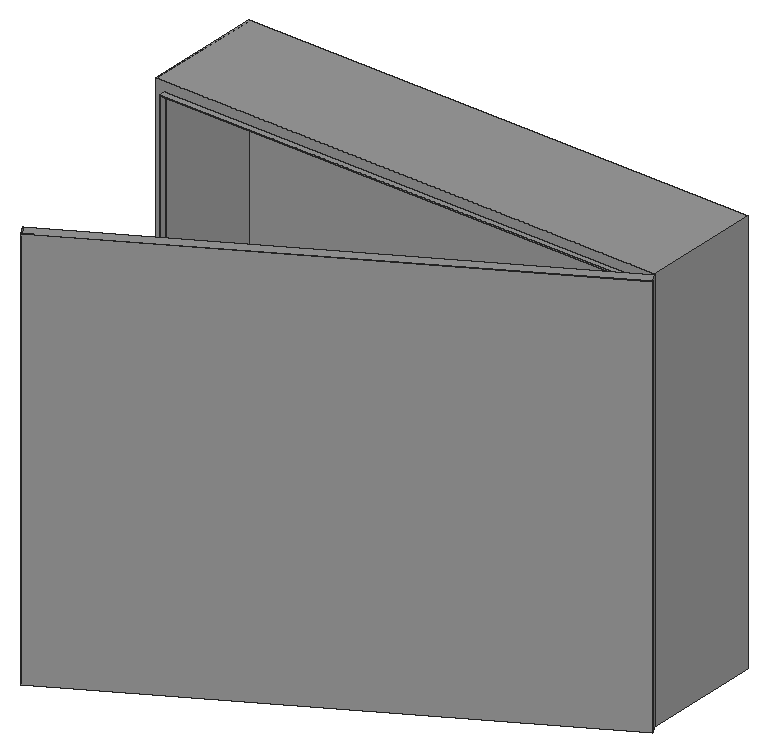
Revit family "Hager-Univers-IP44-D205-H650-Cl.I-encl-NoHosted-NL-en", category Equipement électrique, Revit 2020
Family settings
  Configuration du panneau = Deux colonnes, circuits au sein
  Cote de connecteur circulaire = Utiliser le diamètre
  Type d'élément = Tableau de raccordement
  Basée sur le plan de construction = Oui
  Toujours verticalement = Oui
  Couper avec des vides une fois chargée = Non
  Partagée = Non
  Point de calcul de pièce = Non
Parameters (values of type "Surface mounted (plaster) IP44 W800 H650 D205  - FP43QT")
  Width Control [instance] = if([EF000008 - Width] > Min Width, [EF000008 - Width], Min Width)  # 800 mm
  Commentaires du type = [HG000003 - Range]  # "Univers"
  Thickness Door [instance] = if([EF009171 - Material plate thickness door/cover] > 3 mm, 3 mm, [EF009171 - Material plate thickness door/cover])  # 1 mm
  Seal Frame Offset [instance] = 17 mm  # constant formula
  Plinth Visibility [instance] = [HG000027 - Plinth height] > 0 mm  # no
  Min Width [instance] = 100 mm  # constant formula
  Min Depth [instance] = (2 * [EF009170 - Material plate thickness cabinet]) + 1 mm  # 3 mm
  Min Height [instance] = 100 mm  # constant formula
  Internal Frame Depth [instance] = (Door System Depth * 0.5)  # 9 mm
  Panel Name [instance] = ""  # (empty or 0)
  Model = ""
  HG000027 - Plinth height = 0 mm
  HG000026 - Floor standing = no
  HG000024 - Bottom section height = 600 mm
  HG000023 - Double section enclosure = no
  HG000016 - Door 3d visibility [instance] = yes
  HG000015 - Clearance visibility [instance] = no
  HG000014 - Door on the right [instance] = yes
  HG000013 - Door on the left [instance] = not([HG000014 - Door on the right])  # no
  HG000012 - Door swing angle [instance] = 30.00°
  HG000010 - Asymmetric doors = no
  HG000009 - Double swing door = no
  HG000006 - Flush mounted = no
  HG000004 - Manufacturer reference = "FP43QT"
  HG000003 - Range = "Univers"
  HG000002 - With door or cover = yes
  Frame Offset Bottom [instance] = 10 mm  # constant formula
  Frame Offset [instance] = 15 mm  # constant formula
  EF015940 - Cover with overpressure release = no
  EF011959 - Degree of protection (NEMA) = ""
  EF009554 - Number of openings for flange plates = 6
  EF009212 - Cover model = "EV000116 - Closed"
  EF009171 - Material plate thickness door/cover = 1 mm
  EF009170 - Material plate thickness cabinet = 1 mm
  EF008873 - Nominal current (In) = 250 A
  EF007800 - Suitable for lightning protection = no
  EF006306 - With lock = no
  EF006244 - Transparent cover/door = no
  EF005474 - Degree of protection (IP) = "EV006418 - IP44"
  EF004464 - Type of door = "EV002646 - Single"
  EF004427 - Number of modules = 144
  EF004293 - Impact strength = "EV006815 - IK09"
  EF003532 - Suitable for outdoor use = no
  EF002950 - Width in number of modular spacings = 36
  EF001613 - Circuit integrity = "EV000494 - None"
  EF001596 - Material housing = "EV000179 - Steel"
  EF001131 - Internal depth = 205 mm
  EF001088 - Extension possible = yes
  EF000437 - Number of conduit inlets = 6
  EF000339 - Type of cover = "EV001012 - Cover"
  EF000266 - Number of rows = 4
  EF000218 - Built-in depth = 0 mm
  EF000118 - With mounting plate = no
  EF000116 - RAL-number = "9010"
  EF000049 - Depth = 205 mm
  EF000040 - Height = 650 mm
  EF000008 - Width = 800 mm
  EF000007 - Colour = "EV000202 - White"
  EF000003 - Mounting method = "EV000384 - Surface mounted (plaster)"
  Door System Leaf Tolerance [instance] = 1.5 mm  # constant formula
  Door System Depth [instance] = 18 mm  # constant formula
  Door Height [instance] = Height Control - [HG000027 - Plinth height]  # 650 mm
  Description = ""
  Default Elevation = 1219.2 mm
  Connector Offset [instance] = Height Control / 2  # 325 mm
  Fabricant = "Hager"  # constant formula
  Height Control [instance] = if([EF000040 - Height] > Min Height, [EF000040 - Height], Min Height)  # 650 mm
  Depth Control [instance] = if([EF000049 - Depth] > Min Depth, [EF000049 - Depth], Min Depth)  # 205 mm
  Bottom Top Plate Trim [instance] = 1.5 mm  # constant formula
  Plinth height Ctrl [instance] = if([HG000027 - Plinth height] > 0 mm, [HG000027 - Plinth height], 12 mm)  # 12 mm
Types (4, lengths in mm): name | Width Control | HG000004 - Manufacturer reference | EF009554 - Number of openings for flange plates | EF004464 - Type of door | EF004427 - Number of modules | EF002950 - Width in number of modular spacings | EF000437 - Number of conduit inlets | EF000008 - Width
  Surface mounted (plaster) IP44 W1300 H650 D205  - FP45QT | 1300 | "FP45QT" | 10 | "EV003602 - Double" | 240 | 60 | 10 | 1300
  Surface mounted (plaster) IP44 W300 H650 D205  - FP41QT | 300 | "FP41QT" | 2 | "EV002646 - Single" | 48 | 12 | 2 | 300
  Surface mounted (plaster) IP44 W550 H650 D205  - FP42QT | 550 | "FP42QT" | 4 | "EV002646 - Single" | 96 | 24 | 4 | 550
  Surface mounted (plaster) IP44 W800 H650 D205  - FP43QT | 800 | "FP43QT" | 6 | "EV002646 - Single" | 144 | 36 | 6 | 800
Reference planes
  plane 1 "Center (Front/Back)": y = 0
  plane 2: z = 0
  plane 3 "Center (Left/Right)": x = 0
  plane 4: y = 0
  plane 5: y = 0
  plane 6: z = 0
  plane 7: x = -400
  plane 8: x = 400
  plane 9: x = 399
  plane 10: x = -399
  plane 11: z = 0
  plane 12: z = 1
  plane 13: y = -205
  plane 14: y = -1
  plane 15: x = 0
  plane 16: y = -187
  plane 17: y = -204
  plane 18: y = -186
  plane 19: x = -384
  plane 20: x = 384
  plane 21: z = 11
  plane 22: x = -383
  plane 23: x = 383
  plane 24: z = 0
  plane 25: z = 650
  plane 26: z = 650
  plane 27: z = 634
  plane 28: z = 649
Forms (mm)
  Extrusion 1, solid, material "Hager_Steel_RAL7035_Light_Grey", detail levels medium+fine
    sketch origin (-208.679, -4572, 0) x (-1, 0, 0) y (0, -1, 0)
      loop
        line (191.321, -4385) -> (-608.679, -4385) -> (-608.679, -4572) -> (191.321, -4572) -> (191.321, -4385)
    from 0 to 650
  Extrusion 2, void
    sketch origin (-350.771, -205, 1219.2) x (1, 0, 0) y (0, 0, 1)
      loop
        line (-48.229, -570.2) -> (-48.229, -1218.2) -> (749.771, -1218.2) -> (749.771, -570.2) -> (-48.229, -570.2)
    from -19 to -204
  Extrusion 3, void
    sketch origin (-290.084, -187, 1219.2) x (1, 0, 0) y (0, 0, 1)
      loop
        line (-93.916, -1208.2) -> (674.084, -1208.2) -> (674.084, -585.2) -> (-93.916, -585.2) -> (-93.916, -1208.2)
    from 0 to -1
  Extrusion 4, solid, material "Hager_Steel_RAL7035_Light_Grey", visible <- "Plinth Visibility", detail levels medium+fine
    sketch origin (0, 0, 0) x (1, 0, 0) y (0, 1, 0)
      loop
        line (-400, 0) -> (-400, -187) -> (400, -187) -> (400, 0) -> (-400, 0)
    from 0 to 12 <- "Plinth height Ctrl"
  Extrusion 5, solid, material "Hager_Steel_RAL7035_Light_Grey", detail levels coarse
    sketch origin (0, 0, 0) x (1, 0, 0) y (0, 1, 0)
      loop
        line (-400, 0) -> (-400, -205) -> (400, -205) -> (400, 0) -> (-400, 0)
    from 0 to 650 <- "Height Control"
  Sweep 6, void
    path in 3D
      loop
        line (-400, -187, 12) -> (400, -187, 12) -> (400, 0, 12) -> (-400, 0, 12) -> (-400, -187, 12)
    profile origin (-400, -93.5, 12) x (1, 0, 0) y (0, 0, 1)
      loop
        line (0, 0) -> (0, -1.5) -> (1.5, -1.5)
        arc (1.5, -1.5) -> (1.061, -0.439) -> (0, 0) r 1.5
  Extrusion 7, solid, material "Hager_Steel_RAL7035_Light_Grey", detail levels fine
    sketch origin (-400, -187, 0) x (1, 0, 0) y (0, 0, 1)
      loop
        line (16, 11) -> (784, 11) -> (784, 634) -> (16, 634) -> (16, 11)
      loop
        line (15, 10) -> (785, 10) -> (785, 635) -> (15, 635) -> (15, 10)
    from 0 to 9 <- "Internal Frame Depth"
Cuts and joins
  Extrusion 2, Extrusion 3 cuts Extrusion 1
  Sweep 6 cuts Extrusion 4
Lines and regions (mm)
  Masking region 1
    outline origin (0, 0, 0) x (1, 0, 0) y (0, 1, 0)
      loop
        line (-400, 0) -> (-400, -205) -> (400, -205) -> (400, 0) -> (-400, 0)
  Masking region 2, detail levels coarse
    outline origin (-290.084, -187, 1219.2) x (-1, 0, 0) y (0, 0, 1)
      loop
        line (-690.084, -1219.2) -> (109.916, -1219.2) -> (109.916, -569.2) -> (-690.084, -569.2) -> (-690.084, -1219.2)
  Masking region 3, detail levels coarse
    outline origin (0, 0, 0) x (0, 1, 0) y (0, 0, 1)
      loop
        line (0, 0) -> (0, 650) -> (-205, 650) -> (-205, 0) -> (0, 0)
  Masking region 4, visible <- "Plinth Visibility", detail levels medium+fine
    outline origin (0, 0, 0) x (0, 1, 0) y (0, 0, 1)
      loop
        line (-1.5, 12) -> (-185.5, 12)
        arc (-185.5, 12) -> (-185.939, 10.939) -> (-187, 10.5) r 1.5
        line (-187, 10.5) -> (-187, 0) -> (0, 0) -> (0, 10.5)
        arc (0, 10.5) -> (-1.061, 10.939) -> (-1.5, 12) r 1.5
  Masking region 5, detail levels medium+fine
    outline origin (0, 0, 594.038) x (0, 1, 0) y (0, 0, 1)
      loop
        line (0, -594.038) -> (0, 55.962) -> (-187, 55.962) -> (-187, -594.038) -> (0, -594.038)
  Masking region 6, detail levels medium+fine
    outline origin (-359.7, -187, 1211.883) x (-1, 0, 0) y (0, 0, 1)
      loop
        line (-759.7, -1211.883) -> (40.3, -1211.883) -> (40.3, -561.883) -> (-759.7, -561.883) -> (-759.7, -1211.883)
  Masking region 7, visible <- "Plinth Visibility", detail levels medium+fine
    outline origin (-320.334, -187, 1041.368) x (-1, 0, 0) y (0, 0, 1)
      loop
        line (-720.334, -1041.368) -> (79.666, -1041.368) -> (79.666, -1030.868)
        arc (79.666, -1030.868) -> (78.606, -1030.429) -> (78.166, -1029.368) r 1.5
        line (78.166, -1029.368) -> (-718.834, -1029.368)
        arc (-718.834, -1029.368) -> (-719.273, -1030.429) -> (-720.334, -1030.868) r 1.5
        line (-720.334, -1030.868) -> (-720.334, -1041.368)
  sketch lines
    curve 1: line (-400, 0, 12) -> (-400, -187, 12)
    curve 2: line (-400, -187, 12) -> (400, -187, 12)
    curve 3: line (400, 0, 12) -> (-400, 0, 12)
    curve 4: line (400, -187, 12) -> (400, 0, 12)
Dimensions and locks
  locked: plane 1 "Center (Front/Back)" to plane 5
  "EF009170 - Material plate thickness cabinet": plane 7 to plane 10
  "EF009170 - Material plate thickness cabinet": plane 8 to plane 9
  equal spacing: plane 7, plane 3 "Center (Left/Right)", plane 8
  "Width Control": plane 7 to plane 8
  "Depth Control": plane 4 to plane 13
  "EF009170 - Material plate thickness cabinet": plane 4 to plane 14
  "Height Control": plane 25 to level
  "HG000027 - Plinth height": plane 11 to level
  "EF009170 - Material plate thickness cabinet": plane 12 to plane 11
  "EF009170 - Material plate thickness cabinet": plane 17 to plane 13
  "EF009170 - Material plate thickness cabinet": plane 18 to plane 16
  "Frame Offset Bottom": plane 21 to plane 12
  "Frame Offset": plane 10 to plane 19
  "Frame Offset": plane 9 to plane 20
  "Door System Depth": plane 16 to plane 13
  "Seal Frame Offset": plane 7 to plane 22
  "Seal Frame Offset": plane 8 to plane 23
  "EF009170 - Material plate thickness cabinet": plane 26 to plane 28
  "Frame Offset": plane 28 to plane 27
  "Connector Offset": plane 2 to connector elem
  "Bottom Top Plate Trim": profile plane to Sweep 6 sketch curve
  "Bottom Top Plate Trim": Sweep 6 sketch curve to Sweep 6 sketch curve
  "Plinth height Ctrl": Masking region 4 sketch curve to level
  "Plinth height Ctrl": Masking region 7 sketch curve to level
  "Thickness Door": Extrusion 7 sketch curve to Extrusion 7 sketch curve  (x4)
  "Bottom Top Plate Trim": radius of Sweep 6 sketch curve
  "Bottom Top Plate Trim": radius of Masking region 4 sketch curve  (x2)
  "Bottom Top Plate Trim": radius of Masking region 7 sketch curve  (x2)
  aligned and locked: Extrusion 2 sketch curve to plane 12
  aligned and locked: Extrusion 2 sketch curve to plane 9
  aligned and locked: Extrusion 2 sketch curve to plane 10
  aligned and locked: Extrusion 2 to plane 14
  aligned and locked: Extrusion 1 sketch curve to plane 4
  aligned and locked: plane 8 to Extrusion 1 sketch curve
  aligned and locked: plane 7 to Extrusion 1 sketch curve
  aligned and locked: Extrusion 2 to plane 18
  aligned and locked: Extrusion 3 sketch curve to plane 19
  aligned and locked: plane 20 to Extrusion 3 sketch curve
  aligned and locked: Extrusion 3 to Extrusion 2
  aligned and locked: Extrusion 3 sketch curve to plane 21
  aligned and locked: plane 3 "Center (Left/Right)" to nested 1
  aligned and locked: Extrusion 1 sketch curve to plane 16
  aligned and locked: Extrusion 4 sketch curve to cut or joined group of Extrusion 1, Extrusion 2, Extrusion 3
  aligned and locked: Masking region 1 sketch curve to plane 7
  aligned and locked: Masking region 1 sketch curve to plane 5
  aligned and locked: Masking region 1 sketch curve to plane 8
  aligned and locked: Masking region 2 sketch curve to level
  aligned and locked: level to Masking region 3 sketch curve
  aligned and locked: plane 1 "Center (Front/Back)" to Masking region 3 sketch curve
  aligned and locked: plane 13 to Masking region 3 sketch curve
  aligned and locked: plane 5 to Masking region 4 sketch curve
  aligned and locked: Masking region 2 sketch curve to plane 8
  aligned and locked: Masking region 2 sketch curve to plane 7
  aligned and locked: plane 7 to nested 2
  aligned and locked: nested 2 to plane 5
  aligned and locked: plane 5 to Masking region 5 sketch curve
  aligned and locked: plane 26 to Masking region 5 sketch curve
  aligned and locked: Extrusion 5 sketch curve to plane 8
  aligned and locked: Extrusion 5 sketch curve to plane 7
  aligned and locked: Extrusion 5 sketch curve to plane 5
  aligned and locked: Extrusion 3 sketch curve to plane 27
  aligned and locked: Extrusion 2 sketch curve to plane 28
  aligned and locked: Masking region 2 to plane 25
  aligned and locked: Extrusion 4 to plane 16
  aligned and locked: profile plane to Sweep 6 sketch curve
  aligned and locked: Masking region 5 sketch curve to plane 24
  aligned and locked: level to Masking region 4 sketch curve
  aligned and locked: Masking region 1 to plane 13
  aligned and locked: nested 1 to plane 16
  aligned and locked: Masking region 3 to plane 25
  aligned and locked: plane 16 to Masking region 4 sketch curve
  aligned and locked: Masking region 5 sketch curve to plane 16
  aligned and locked: plane 24 to plane 11
  aligned and locked: plane 26 to plane 25
  aligned and locked: plane 26 to cut or joined group of Extrusion 1, Extrusion 2, Extrusion 3
  aligned and locked: nested 1 to plane 24
  aligned and locked: Extrusion 1 to Extrusion 3
  aligned and locked: Masking region 6 sketch curve to plane 8
  aligned and locked: Masking region 6 sketch curve to plane 24
  aligned and locked: Masking region 6 sketch curve to plane 7
  aligned and locked: Masking region 6 sketch curve to plane 26
  aligned and locked: Masking region 7 sketch curve to plane 7
  aligned and locked: level to Masking region 7 sketch curve
  aligned and locked: Masking region 7 sketch curve to plane 8
  aligned and locked: Extrusion 7 sketch curve to cut or joined group of Extrusion 1, Extrusion 2, Extrusion 3  (x4)
Automatic sketch dimensions
  plane 19 to Extrusion 3 sketch curve = 0 mm
  Extrusion 3 sketch curve to plane 20 = 0 mm
  Extrusion 3 sketch curve to plane 21 = 0 mm
  Extrusion 4 sketch curve to plane 7 = 0 mm
  Extrusion 4 sketch curve to plane 8 = 0 mm
  Extrusion 4 sketch curve to plane 16 = 0 mm
  Masking region 1 sketch curve to plane 13 = 0 mm
  Masking region 2 sketch curve to plane 25 = 0 mm
  Masking region 3 sketch curve to plane 25 = 0 mm
  Extrusion 5 sketch curve to plane 13 = 0 mm
  profile plane to Sweep 6 sketch curve = 0 mm
Nested families
  nested 1: "EC000058_Univers_Door" at (0, -187, 0), Double <- "HG000009 - Double swing door", Transparent <- "EF006244 - Transparent cover/door", Angle <- "HG000012 - Door swing angle", Door_Right <- "HG000014 - Door on the right", Assymetrical <- "HG000010 - Asymmetric doors", Door <- "HG000002 - With door or cover", Width_Ctrl <- "Width Control", 3d_Door <- "HG000016 - Door 3d visibility", Clearance <- "HG000015 - Clearance visibility", Door_Left <- "HG000013 - Door on the left", Width <- "Width Control", Door_Depth <- "Door System Depth", Leaf_Tolerance <- "Door System Leaf Tolerance", Height <- "Door Height", Lock_Visibility <- "EF006306 - With lock", Thickness <- "Thickness Door", type "EC000058_Univers_Door", detail levels medium+fine
    with min_wh 3 mm, Width_Ctrl 800 mm, Width 800 mm, Transparent no, Thickness 1 mm, Seal_Material Hager_Rubber, Lock_Visibility no, Lock_Material Hager_Plastic_RAL9005_Jet_Black, Leaf_Width 800 mm, Leaf_Tolerance_External_Sides 0 mm, Leaf_Tolerance 1.5 mm, Leaf_Offset 0 mm, Leaf_Height 647 mm, Leaf_2_Width 800 mm, Leaf_2_Offset 400 mm, Leaf_1_Width 800 mm, Leaf_1_Offset 400 mm, Height_Ctrl 650 mm, Height 650 mm, Glass_Material Hager_Glass, Double_Clearance_Ctrl no, Double no, Door_Right_Ctrl yes, Door_Right yes, Door_Material Hager_Steel_RAL7035_Light_Grey, Door_Left_Ctrl no, Door_Left no, Door_Depth 18 mm, Door yes, Clearance_Material Hager_Clearance, Clearance_Depth 800 mm, Clearance_Ctrl no, Clearance no, Assymetrical no, Angle 30.00°, 3d_Door yes
  nested 2: "Hager_Enclosure_Symbol" at (-400, 0, 0), Height <- "Depth Control", Width <- "Width Control", type "Hager_Enclosure_Symbol"
    with Width_Ctrl 800 mm, Width 800 mm, Height_Ctrl 205 mm, Height 205 mm, A_Width_Int 13.453 mm, A_Width 161.438 mm, A_Height_Ctrl 179.375 mm, A_Height 179.375 mm
Connectors
  electrical at (0, 0, 325)
    settings: on plane 1 "Center (Front/Back)", index 1, voltage 0 V, apparent load 0 VA, apparent load phase1 0 VA, apparent load phase2 0 VA, apparent load phase3 0 VA, power factor 1, load classification "Other", number of poles 1, system type 30, power factor state 1, is connector primary yes, connector utility no, sub classification motor no, connector description ""
Definition of nested family "EC000058_Univers_Door"
  Parameters (values of type "EC000058_Univers_Door")
    min_wh [instance] = (2 * Thickness) + 1 mm  # 11 mm
    Width_Ctrl [instance] = 400 mm
    Width [instance] = 500 mm
    Transparent [instance] = yes
    Thickness [instance] = 5 mm
    Seal_Material [instance] = none
    Lock_Visibility [instance] = yes
    Lock_Material [instance] = none
    Leaf_Width [instance] = if((Width_Ctrl - 2 * Leaf_Tolerance_External_Sides) > 0 mm, (Width_Ctrl - 2 * Leaf_Tolerance_External_Sides), min_wh)  # 400 mm
    Leaf_Tolerance_External_Sides [instance] = 0 mm  # constant formula
    Leaf_Tolerance [instance] = 1.5 mm
    Leaf_Offset [instance] = 0 mm  # constant formula
    Leaf_Height [instance] = if((Height_Ctrl - 2 * Leaf_Tolerance) > 0 mm, (Height_Ctrl - 2 * Leaf_Tolerance), min_wh)  # 497 mm
    Leaf_2_Width [instance] = if(and(and(Double, Assymetrical), Door_Left), (Leaf_Width / 3) - (Leaf_Tolerance / 2), if(and(and(Double, Assymetrical), Door_Right), (Leaf_Width / 3) * 2 - (Leaf_Tolerance / 2), if(and(Double, not(Assymetrical)), (Leaf_Width / 2) - Leaf_Tolerance, Leaf_Width)))  # 400 mm
    Leaf_2_Offset [instance] = if(and(Double, Assymetrical), Leaf_2_Width / 2, if(and(Double, not(Assymetrical)), Leaf_Width / 4, Leaf_Width / 2))  # 200 mm
    Leaf_1_Width [instance] = if(and(and(Double, Assymetrical), Door_Right), (Leaf_Width / 3) - (Leaf_Tolerance / 2), if(and(and(Double, Assymetrical), Door_Left), (Width / 3) * 2 - (Leaf_Tolerance / 2), if(and(Double, not(Assymetrical)), (Leaf_Width / 2) - Leaf_Tolerance, Leaf_Width)))  # 400 mm
    Leaf_1_Offset [instance] = if(and(Double, Assymetrical), Leaf_1_Width / 2, if(and(Double, not(Assymetrical)), Leaf_Width / 4, Leaf_Width / 2))  # 200 mm
    Height_Ctrl [instance] = if(Height > min_wh, Height, min_wh)  # 500 mm
    Height [instance] = 500 mm
    Glass_Material [instance] = none
    Double_Clearance_Ctrl [instance] = and(Double, Clearance)  # no
    Double [instance] = no
    Door_Right_Ctrl [instance] = and(or(Door_Right, Double), Door)  # yes
    Door_Right [instance] = yes
    Door_Material [instance] = none
    Door_Left_Ctrl [instance] = and(or(Door_Left, Double), Door)  # no
    Door_Left [instance] = no
    Door_Depth [instance] = 30 mm
    Door [instance] = yes
    Default Elevation = 1219.2 mm
    Clearance_Material [instance] = none
    Clearance_Depth [instance] = if(Leaf_1_Width > Leaf_2_Width, Leaf_1_Width, Leaf_2_Width)  # 400 mm
    Clearance_Ctrl [instance] = and(not(Double), Clearance)  # yes
    Clearance [instance] = yes
    Assymetrical [instance] = yes
    Angle [instance] = 30.00°
    3d_Door [instance] = yes
  Reference planes
    plane 1 "Center (Front/Back)": y = 0
    plane 2 "Bottom": z = 0
    plane 3 "Center (Left/Right)": x = 0
    plane 4: z = 500
    plane 5: x = -200
    plane 6: x = 200
    plane 7: z = 500
    plane 8: x = -200
    plane 9: z = 0
    plane 10: x = 200
    plane 11: y = 0
    plane 12: z = 1.5
    plane 13: x = -600
    plane 14: y = -400
    plane 15: x = 600
    plane 16: x = 0
    plane 17: x = 0
    plane 18: x = -200
    plane 19: x = 200
    plane 20: z = 498.5
  Forms (mm)
    Extrusion 1, solid, material <- "Clearance_Material", visible <- "Double_Clearance_Ctrl"
      sketch origin (1200, 0, 0) x (1, 0, 0) y (0, 0, -1)
        loop
          line (-1800, -498.5) -> (-600, -498.5) -> (-600, 0) -> (-1800, 0) -> (-1800, -498.5)
      from 0 to -400
  Dimensions and locks
    equal spacing: plane 5, plane 3 "Center (Left/Right)", plane 6
    "Width_Ctrl": plane 5 to plane 6
    "Leaf_Offset": plane 5 to plane 8
    "Leaf_Offset": plane 6 to plane 10
    "Leaf_Offset": plane 9 to level
    "Leaf_Offset": plane 4 to plane 7
    "Height_Ctrl": plane 4 to level
    "Leaf_Tolerance": plane 12 to plane 9
    locked: plane 11 to plane 1 "Center (Front/Back)"
    "Leaf_1_Offset": plane 18 to plane 16
    "Leaf_2_Offset": plane 17 to plane 19
    "Leaf_1_Width": plane 13 to plane 8
    "Leaf_2_Width": plane 10 to plane 15
    "Clearance_Depth": plane 14 to plane 1 "Center (Front/Back)"
    "Leaf_Tolerance_External_Sides": plane 8 to plane 18
    "Leaf_Tolerance_External_Sides": plane 19 to plane 10
    "Leaf_Tolerance": plane 7 to plane 20
    aligned and locked: level to plane 2 "Bottom"
    aligned and locked: nested 1 to plane 16
    aligned and locked: nested 2 to plane 17
    aligned and locked: Extrusion 1 to plane 13
    aligned and locked: plane 15 to Extrusion 1
    aligned and locked: Extrusion 1 to plane 14
    aligned and locked: plane 12 to nested 1
    aligned and locked: nested 2 to plane 12
    aligned and locked: Extrusion 1 to plane 11
    aligned and locked: plane 20 to Extrusion 1
    aligned and locked: nested 2 to plane 11
    aligned and locked: nested 1 to plane 11
  Automatic sketch dimensions
    Extrusion 1 sketch curve to level = 0 mm
    plane 5 to Extrusion 1 sketch curve = 400 mm
    plane 6 to Extrusion 1 sketch curve = 400 mm
    Extrusion 1 sketch curve to plane 4 = 1.5 mm
  Nested families
    nested 1: "EC000058_Univers_Door_Leaf" at (0, 0, 1.5), Width <- "Leaf_1_Width", visible <- "Door_Left_Ctrl", Leaf_Height <- "Leaf_Height", Angle <- "Angle", 3d_Door <- "3d_Door", Transparent <- "Transparent", Clearance Material <- "Clearance_Material", Clearance <- "Clearance_Ctrl", Door_Material <- "Door_Material", Glass_Material <- "Glass_Material", Door_Depth <- "Door_Depth", Lock_Material <- "Lock_Material", Seal_Material <- "Seal_Material", Lock_Visibility <- "Lock_Visibility", Thickness <- "Thickness", type "EC000058_Univers_Door_Leaf"
      with Width 400 mm, Transparent_Glass_Offset 30 mm, Transparent_Ctrl yes, Transparent yes, Thickness 5 mm, Standard no, Seal_Material none, Seal_D2 8 mm, Seal_D1 1 mm, Offset_Internal_Frame 10 mm, Lock_Width 20 mm, Lock_Visibility_3d yes, Lock_Visibility yes, Lock_Thickness_3 3 mm, Lock_Thickness_2 1 mm, Lock_Thickness_1 3 mm, Lock_Radius_Offset_2 16 mm, Lock_Radius_Offset_1 15 mm, Lock_Radius_2 5 mm, Lock_Radius 6 mm, Lock_Offset 5 mm, Lock_Material none, Lock_Height 80 mm, Lock_Cover_Top_Offset_2d 17 mm, Lock_Cover_Height -65 mm, Leaf_Height 497 mm, Internal_Seal_Thickness 8 mm, Internal_Seal_Depth_2 4.5 mm, Internal_Frame_Depth 25 mm, Glass_Thickness -1 mm, Glass_Offset -2 mm, Glass_Material none, Door_Material none, Door_Depth 30 mm, Clearance Material none, Clearance yes, Angle_Ctrl 30.00°, Angle 30.00°, 3d_Door yes
    nested 2: "EC000058_Univers_Door_Leaf" at (0, 0, 1.5) x (-1, 0, 0) z (0, 0, 1), Width <- "Leaf_2_Width", visible <- "Door_Right_Ctrl", Leaf_Height <- "Leaf_Height", Angle <- "Angle", 3d_Door <- "3d_Door", Transparent <- "Transparent", Clearance Material <- "Clearance_Material", Clearance <- "Clearance_Ctrl", Door_Material <- "Door_Material", Glass_Material <- "Glass_Material", Door_Depth <- "Door_Depth", Lock_Material <- "Lock_Material", Seal_Material <- "Seal_Material", Lock_Visibility <- "Lock_Visibility", Thickness <- "Thickness", type "EC000058_Univers_Door_Leaf"
      with Width 400 mm, Transparent_Glass_Offset 30 mm, Transparent_Ctrl yes, Transparent yes, Thickness 5 mm, Standard no, Seal_Material none, Seal_D2 8 mm, Seal_D1 1 mm, Offset_Internal_Frame 10 mm, Lock_Width 20 mm, Lock_Visibility_3d yes, Lock_Visibility yes, Lock_Thickness_3 3 mm, Lock_Thickness_2 1 mm, Lock_Thickness_1 3 mm, Lock_Radius_Offset_2 16 mm, Lock_Radius_Offset_1 15 mm, Lock_Radius_2 5 mm, Lock_Radius 6 mm, Lock_Offset 5 mm, Lock_Material none, Lock_Height 80 mm, Lock_Cover_Top_Offset_2d 17 mm, Lock_Cover_Height -65 mm, Leaf_Height 497 mm, Internal_Seal_Thickness 8 mm, Internal_Seal_Depth_2 4.5 mm, Internal_Frame_Depth 25 mm, Glass_Thickness -1 mm, Glass_Offset -2 mm, Glass_Material none, Door_Material none, Door_Depth 30 mm, Clearance Material none, Clearance yes, Angle_Ctrl 30.00°, Angle 30.00°, 3d_Door yes
  Definition of nested family "EC000058_Univers_Door_Leaf"
    Parameters (values of type "EC000058_Univers_Door_Leaf")
      Width [instance] = 2000 mm
      Transparent_Glass_Offset [instance] = 30 mm
      Transparent_Ctrl [instance] = and(Transparent, [3d_Door])  # yes
      Transparent [instance] = yes
      Thickness [instance] = 5 mm
      Standard [instance] = and(not(Transparent), [3d_Door])  # no
      Seal_Material [instance] = none
      Seal_D2 [instance] = 8 mm  # constant formula
      Seal_D1 [instance] = 1 mm  # constant formula
      Offset_Internal_Frame [instance] = 10 mm  # constant formula
      Lock_Width [instance] = 20 mm  # constant formula
      Lock_Visibility_3d [instance] = and(Lock_Visibility, [3d_Door])  # yes
      Lock_Visibility [instance] = yes
      Lock_Thickness_3 [instance] = 3 mm  # constant formula
      Lock_Thickness_2 [instance] = 1 mm  # constant formula
      Lock_Thickness_1 [instance] = 3 mm  # constant formula
      Lock_Radius_Offset_2 [instance] = Lock_Radius_Offset_1 + 1 mm  # 16 mm
      Lock_Radius_Offset_1 [instance] = 15 mm  # constant formula
      Lock_Radius_2 [instance] = Lock_Radius - 1 mm  # 5 mm
      Lock_Radius [instance] = 6 mm  # constant formula
      Lock_Offset [instance] = 5 mm  # constant formula
      Lock_Material [instance] = none
      Lock_Height [instance] = 80 mm  # constant formula
      Lock_Cover_Top_Offset_2d [instance] = Lock_Radius_Offset_2 + 1 mm  # 17 mm
      Lock_Cover_Height [instance] = -(Lock_Height - Lock_Radius_Offset_1)  # -65 mm
      Leaf_Height [instance] = 2720.336 mm
      Internal_Seal_Thickness [instance] = 8 mm  # constant formula
      Internal_Seal_Depth_2 [instance] = 4.5 mm  # constant formula
      Internal_Frame_Depth [instance] = if(Door_Depth - Thickness > 5 mm, Door_Depth - Thickness, 5 mm)  # 25 mm
      Glass_Thickness [instance] = if(Thickness > 15 mm, Glass_Offset + 10 mm, -1 mm)  # -1 mm
      Glass_Offset [instance] = if(Thickness > 15 mm, -(Thickness + 10 mm) / 2, -2 mm)  # -2 mm
      Glass_Material [instance] = none
      Door_Material [instance] = none
      Door_Depth [instance] = 30 mm
      Default Elevation = 0 mm
      Clearance Material [instance] = none
      Clearance [instance] = yes
      Angle_Ctrl [instance] = if(Angle > 180.00°, 180.00°, Angle)  # 90.00°
      Angle [instance] = 90.00°
      3d_Door [instance] = yes
    Reference planes
      plane 1 "Center (Front/Back)": y = 0
      plane 2: z = 0
      plane 3 "Center (Left/Right)": x = 0
      plane 4: y = 2000
      plane 5: x = -1000
      plane 6: x = 1000
      plane 7: x = -3000
      plane 8: z = 2720.336
      plane 9: z = 30
      plane 10: z = 2690.336
      plane 11: x = 970
      plane 12: x = -970
      plane 13: y = -3
      plane 14: z = 107.833
      plane 15: y = -5
      plane 16: y = -223.314
      plane 17: x = -1000
      plane 18: z = 1360.168
      plane 19: y = 30
    Forms (mm)
      Extrusion 1, solid, material <- "Clearance Material", visible <- "Clearance"
        sketch origin (0, 0, 0) x (1, 0, 0) y (0, 0, 1)
          loop
            line (-3000, 2720.336) -> (-3000, 0) -> (1000, 0) -> (1000, 2720.336) -> (-3000, 2720.336)
        from 0 to -2000
      Extrusion 2, solid, material <- "Door_Material", visible <- "Standard", detail levels medium+fine
        sketch origin (-1000, 0, 0) x (0, 1, 0) y (-1, 0, 0)
          loop
            line (0, 30) -> (0, 25) -> (2000, 25) -> (2000, 30) -> (0, 30)
        from 0 to 2720.336 <- "Leaf_Height"
      Extrusion 3, solid, material <- "Door_Material", visible <- "Transparent_Ctrl", detail levels medium+fine
        sketch origin (-1000, 0, 0) x (0, 1, 0) y (-1, 0, 0)
          loop
            line (0, 25) -> (2000, 25) -> (2000, 30) -> (0, 30) -> (0, 25)
        from 0 to 2720.336 <- "Leaf_Height"
      Extrusion 4, void
        sketch origin (-1025, 2000, 0) x (0, 1, 0) y (0, 0, -1)
          loop
            line (-30, -2690.336) -> (-30, -30) -> (-1970, -30) -> (-1970, -2690.336) -> (-30, -2690.336)
        from 0 to 5 <- "Thickness"
      Sweep 5, solid, material <- "Seal_Material", visible <- "Transparent_Ctrl", detail levels fine
        path in 3D
          loop
            line (-1025, 30, 30) -> (-1025, 30, 2690.336) -> (-1025, 1970, 2690.336) -> (-1025, 1970, 30) -> (-1025, 30, 30)
        profile origin (-1025, 1000, 30) x (1, 0, 0) y (0, 0, 1)
          loop
            line (0, 0) -> (0, -8) -> (1, -8) -> (1, 0) -> (0, 0)
      Extrusion 6, solid, material <- "Glass_Material", visible <- "Transparent_Ctrl", detail levels medium+fine
        sketch origin (-1030, 0, 0) x (0, 1, 0) y (0, 0, -1)
          loop
            line (1970, -2690.336) -> (1970, -30) -> (30, -30) -> (30, -2690.336) -> (1970, -2690.336)
        from -2 <- "Glass_Offset" to -1 <- "Glass_Thickness"
      Extrusion 7, solid, material <- "Door_Material", visible <- "3d_Door", detail levels medium+fine
        sketch origin (-1025, 2000, 0) x (0, -1, 0) y (0, 0, -1)
          loop
            line (0, -2720.336) -> (2000, -2720.336) -> (2000, 0) -> (0, 0) -> (0, -2720.336)
          loop
            line (1995, -5) -> (5, -5) -> (5, -2715.336) -> (1995, -2715.336) -> (1995, -5)
        from 0 to 25 <- "Internal_Frame_Depth"
      Sweep 8, solid, material <- "Seal_Material", visible <- "Transparent_Ctrl", detail levels fine
        path in 3D
          loop
            line (-1025, 0, 0) -> (-1025, 2000, 0) -> (-1025, 2000, 2720.336) -> (-1025, 0, 2720.336) -> (-1025, 0, 0)
        profile origin (-1025, 0, 1360.168) x (1, 0, 0) y (0, 1, 0)
          loop
            line (0, 10) -> (2.975, 10)
            arc (2.975, 10) -> (4.053, 10.447) -> (4.5, 11.525) r 1.525
            line (4.5, 11.525) -> (4.5, 16.527)
            arc (4.5, 16.527) -> (4.069, 17.569) -> (3.027, 18) r 1.473
            line (3.027, 18) -> (0, 18) -> (0, 10)
      Extrusion 9, solid, material <- "Lock_Material", visible <- "Lock_Visibility_3d", detail levels fine
        sketch origin (-1030, 0, 0) x (0, 1, 0) y (0, 0, -1)
          loop
            arc (1993.5, -1400.168) -> (1994.561, -1399.729) -> (1995, -1398.668) r 1.5
            line (1995, -1398.668) -> (1995, -1320.168) -> (1975, -1320.168) -> (1975, -1398.668)
            arc (1975, -1398.668) -> (1975.439, -1399.729) -> (1976.5, -1400.168) r 1.5
            line (1976.5, -1400.168) -> (1993.5, -1400.168)
        from 3 <- "Lock_Thickness_1" to 0
      Blend 10, solid, material <- "Lock_Material", visible <- "Lock_Visibility_3d", detail levels fine
        base sketch origin (-1033, 0, 0) x (0, 1, 0) y (0, 0, -1)
          loop
            line (1975, -1320.168) -> (1975, -1398.668)
            arc (1975, -1398.668) -> (1975.439, -1399.729) -> (1976.5, -1400.168) r 1.5
            line (1976.5, -1400.168) -> (1993.5, -1400.168)
            arc (1993.5, -1400.168) -> (1994.561, -1399.729) -> (1995, -1398.668) r 1.5
            line (1995, -1398.668) -> (1995, -1320.168) -> (1975, -1320.168)
        top sketch origin (-1033, 0, 0) x (0, 1, 0) y (0, 0, -1)
          loop
            line (1976, -1320.168) -> (1976, -1398.668)
            arc (1976, -1398.668) -> (1976.146, -1399.022) -> (1976.5, -1399.168) r 0.5
            line (1976.5, -1399.168) -> (1993.5, -1399.168)
            arc (1993.5, -1399.168) -> (1993.854, -1399.022) -> (1994, -1398.668) r 0.5
            line (1994, -1398.668) -> (1994, -1320.168) -> (1976, -1320.168)
        from 0 to 1 <- "Lock_Thickness_2"
      Blend 11, solid, material <- "Lock_Material", visible <- "Lock_Visibility_3d", detail levels fine
        base sketch origin (-1034, 0, 0) x (0, 1, 0) y (0, 0, -1)
          loop
            line (1978, -1320.168) -> (1978, -1384.168)
            arc (1978, -1384.168) -> (1985, -1391.168) -> (1992, -1384.168) r 7
            line (1992, -1384.168) -> (1992, -1320.168) -> (1978, -1320.168)
        top sketch origin (-1034, 0, 0) x (0, 1, 0) y (0, 0, -1)
          loop
            line (1991, -1320.168) -> (1979, -1320.168) -> (1979, -1383.168)
            arc (1979, -1383.168) -> (1985, -1389.168) -> (1991, -1383.168) r 6
            line (1991, -1383.168) -> (1991, -1320.168)
        from 0 to 3 <- "Lock_Thickness_3"
      Extrusion 12, solid, material <- "Lock_Material", visible <- "Lock_Visibility_3d", detail levels fine
        sketch origin (-1030, 1975, 1320.168) x (1, 0, 0) y (0, -1, 0)
          loop
            line (-7, -19) -> (-7, -1) -> (0, -1) -> (0, 0) -> (-8, 0) -> (-8, -20) -> (0, -20) -> (0, -19) -> (-7, -19)
        from 0 to -65 <- "Lock_Cover_Height"
      Extrusion 13, void
        sketch origin (-1038, 1995, 1320.168) x (-1, 0, 0) y (0, 0, -1)
          loop
            line (-5, -65) -> (0, -65) -> (-5, -60) -> (-5, -65)
        from 0 to 20 <- "Lock_Width"
      Extrusion 14, void
        sketch origin (-1038, 1975, 1320.168) x (0, -1, 0) y (0, 0, -1)
          loop
            circle (-10, -15.995) r 6
          loop
            circle (-10, -15.995) r 5
        from 0 to 2
      Extrusion 15, solid, material <- "Lock_Material", visible <- "Lock_Visibility_3d", detail levels medium
        sketch origin (-1030, 0, 0) x (0, 1, 0) y (0, 0, -1)
          loop
            arc (1993.5, -1400.168) -> (1994.561, -1399.729) -> (1995, -1398.668) r 1.5
            line (1995, -1398.668) -> (1995, -1320.168) -> (1975, -1320.168) -> (1975, -1398.668)
            arc (1975, -1398.668) -> (1975.439, -1399.729) -> (1976.5, -1400.168) r 1.5
            line (1976.5, -1400.168) -> (1993.5, -1400.168)
        from 8 to 0
    Cuts and joins
      Extrusion 4 cuts Extrusion 3
      Extrusion 13, Extrusion 14 cuts Extrusion 9
      Extrusion 14 cuts Blend 11
      Extrusion 13, Extrusion 14 cuts Extrusion 12
      joined: Extrusion 9, Blend 10, Blend 11, Extrusion 12
      Extrusion 14 cuts Extrusion 15
    Lines and regions (mm)
      Masking region 1, visible <- "Lock_Visibility", detail levels fine
        outline origin (0, 0, 0) x (0, 1, 0) y (0, 0, 1)
          loop
            line (30, 1320.168) -> (33, 1320.168) -> (33, 1400.168) -> (30, 1400.168) -> (30, 1320.168)
      Masking region 2, visible <- "Lock_Visibility", detail levels fine
        outline origin (0, 3.143, 0) x (0, 1, 0) y (0, 0, 1)
          loop
            line (29.857, 1354.168) -> (30.857, 1354.168) -> (30.857, 1366.168) -> (29.857, 1366.168) -> (29.857, 1354.168)
      Masking region 3, detail levels medium+fine
        outline origin (0, 0, 0) x (0, 1, 0) y (0, 0, 1)
          loop
            line (0, 0) -> (30, 0) -> (30, 2720.336) -> (0, 2720.336) -> (0, 0)
      Masking region 4, detail levels medium+fine
        outline origin (0, 0, 0) x (1, 0, 0) y (0, 0, 1)
          loop
            line (-1000, 2720.336) -> (-1000, 0) -> (1000, 0) -> (1000, 2720.336) -> (-1000, 2720.336)
      Masking region 5, visible <- "Lock_Visibility", detail levels fine
        outline origin (-47.116, 0, 0) x (1, 0, 0) y (0, 0, 1)
          loop
            arc (1024.616, 1399.168) -> (1023.556, 1398.729) -> (1023.116, 1397.668) r 1.5
            line (1023.116, 1397.668) -> (1023.116, 1320.168) -> (1041.116, 1320.168) -> (1041.116, 1397.668)
            arc (1041.116, 1397.668) -> (1040.677, 1398.729) -> (1039.616, 1399.168) r 1.5
            line (1039.616, 1399.168) -> (1024.616, 1399.168)
      Masking region 6, visible <- "Lock_Visibility", detail levels medium+fine
        outline origin (-25, 0, 0) x (1, 0, 0) y (0, 0, 1)
          loop
            arc (1001.5, 1400.168) -> (1000.439, 1399.729) -> (1000, 1398.668) r 1.5
            line (1000, 1398.668) -> (1000, 1320.168) -> (1020, 1320.168) -> (1020, 1398.668)
            arc (1020, 1398.668) -> (1019.561, 1399.729) -> (1018.5, 1400.168) r 1.5
            line (1018.5, 1400.168) -> (1001.5, 1400.168)
      Masking region 7, visible <- "Lock_Visibility", detail levels fine
        outline origin (-73.735, 0, 0) x (1, 0, 0) y (0, 0, 1)
          loop
            line (1051.735, 1382.168) -> (1065.735, 1382.168) -> (1065.735, 1384.168)
            arc (1065.735, 1384.168) -> (1058.735, 1391.168) -> (1051.735, 1384.168) r 7
            line (1051.735, 1384.168) -> (1051.735, 1382.168)
      Masking region 8, visible <- "Lock_Visibility", detail levels fine
        outline origin (-73.735, 0, 0) x (1, 0, 0) y (0, 0, 1)
          loop
            line (1052.735, 1382.168) -> (1064.735, 1382.168) -> (1064.735, 1383.168)
            arc (1064.735, 1383.168) -> (1058.735, 1389.168) -> (1052.735, 1383.168) r 6
            line (1052.735, 1383.168) -> (1052.735, 1382.168)
      Masking region 9, visible <- "Lock_Visibility", detail levels fine
        outline origin (-25, 0, 0) x (1, 0, 0) y (0, 0, 1)
          loop
            line (1020, 1320.168) -> (1020, 1382.168) -> (1000, 1382.168) -> (1000, 1320.168) -> (1020, 1320.168)
      Masking region 10, detail levels medium+fine
        outline origin (0, 0, 0) x (1, 0, 0) y (0, 0, 1)
          loop
            circle (985, 1335.144) r 6
      Masking region 11, detail levels fine
        outline origin (0, 0, 0) x (1, 0, 0) y (0, 0, 1)
          loop
            circle (985, 1335.144) r 5
      Masking region 12, visible <- "Lock_Visibility", detail levels fine
        outline origin (0, 12.767, 0) x (0, 1, 0) y (0, 0, 1)
          loop
            line (20.233, 1320.168) -> (21.233, 1320.168) -> (21.233, 1399.168) -> (20.233, 1400.168) -> (20.233, 1320.168)
      Masking region 13, visible <- "Lock_Visibility", detail levels fine
        outline origin (0, 13.767, -10) x (0, 1, 0) y (0, 0, 1)
          loop
            line (20.233, 1330.168) -> (23.233, 1330.168) -> (23.233, 1399.168) -> (20.233, 1402.168) -> (20.233, 1330.168)
      Masking region 14, visible <- "Lock_Visibility", detail levels fine
        outline origin (0, 12.767, -10) x (0, 1, 0) y (0, 0, 1)
          loop
            line (20.233, 1330.168) -> (25.233, 1330.168) -> (25.233, 1399.305) -> (20.233, 1394.305) -> (20.233, 1330.168)
      Masking region 15, visible <- "Lock_Visibility", detail levels medium
        outline origin (0, 0, 0) x (0, 1, 0) y (0, 0, 1)
          loop
            line (30, 1320.168) -> (38, 1320.168) -> (38, 1400.168) -> (30, 1400.168) -> (30, 1320.168)
      Masking region 16, visible <- "Lock_Visibility", detail levels fine
        outline origin (-1000, 0, 0) x (0, 1, 0) y (-1, 0, 0)
          loop
            line (1975, 30) -> (1995, 30) -> (1995, 38) -> (1975, 38) -> (1975, 30)
          loop
            line (1979, 37) -> (1976, 37) -> (1976, 34) -> (1978, 34) -> (1979, 37)
          loop
            line (1994, 37) -> (1991, 37) -> (1992, 34) -> (1994, 34) -> (1994, 37)
      Masking region 17, visible <- "Lock_Visibility", detail levels medium
        outline origin (-1000, 0, 0) x (0, 1, 0) y (-1, 0, 0)
          loop
            line (1975, 30) -> (1995, 30) -> (1995, 38) -> (1975, 38) -> (1975, 30)
      symbolic lines
        curve 1: line (1000, 0, 0) -> (-3000, 0, 0)
        curve 2: arc (1000, 0, 0) -> (-1000, 2000, 0) -> (-3000, 0, 0) r 2000
        curve 4: line (-1030, 0, 0) -> (-1030, 2000, 0)
      reference lines
        curve 3: line (-1000, 0, 0) -> (-1000, 2000, 0)
      symbolic lines, detail levels medium+fine
        curve 5: line (-1030, 2000, 0) -> (-1025, 2000, 0)
        curve 7: line (-1025, 0, 0) -> (-1030, 0, 0)
        curve 8: line (-1025, 0, 0) -> (-1000, 0, 0)
        curve 9: line (-1000, 0, 0) -> (-1000, 2000, 0)
        curve 10: line (-1000, 2000, 0) -> (-1025, 2000, 0)
      symbolic lines, detail levels fine
        curve 6: line (-1025, 2000, 0) -> (-1025, 0, 0)
      sketch lines
        curve 11: line (-1025, 0, 2720.336) -> (-1025, 0, 0)
        curve 12: line (-1025, 2000, 0) -> (-1025, 0, 0)
        curve 13: line (-1025, 2000, 2720.336) -> (-1025, 2000, 0)
        curve 14: line (-1025, 0, 2720.336) -> (-1025, 2000, 2720.336)
        curve 15: line (-1025, 1970, 30) -> (-1025, 30, 30)
        curve 16: line (-1025, 30, 30) -> (-1025, 30, 2690.336)
        curve 17: line (-1025, 1970, 2690.336) -> (-1025, 1970, 30)
        curve 18: line (-1025, 30, 2690.336) -> (-1025, 1970, 2690.336)
      symbolic lines, visible <- "Transparent", detail levels medium+fine
        curve 19: line (-970, 0, 2690.336) -> (970, 0, 2690.336)
        curve 20: line (-970, 0, 30) -> (-970, 0, 2690.336)
        curve 21: line (970, 0, 30) -> (-970, 0, 30)
        curve 22: line (970, 0, 2690.336) -> (970, 0, 30)
    Dimensions and locks
      "Width": plane 1 "Center (Front/Back)" to plane 4
      equal spacing: plane 5, plane 3 "Center (Left/Right)", plane 6
      "Width": plane 5 to plane 6
      "Width": plane 7 to plane 5
      "Leaf_Height": plane 8 to level
      "Width": curve 5 to curve 3
      "Width": curve 3 to curve 3
      plane 8 to plane 10 = 30 mm
      plane 9 to level = 30 mm
      plane 12 to plane 5 = 30 mm
      plane 6 to plane 11 = 30 mm
      Extrusion 1 to Extrusion 4 sketch curve = 30 mm
      "Transparent_Glass_Offset": curve 3 to Extrusion 4 sketch curve
      "Transparent_Glass_Offset": Extrusion 4 sketch curve to cut or joined group of Extrusion 3, Extrusion 4  (x2)
      cut or joined group of Extrusion 3, Extrusion 4 to Extrusion 6 sketch curve = 30 mm
      "Transparent_Glass_Offset": cut or joined group of Extrusion 3, Extrusion 4 to Extrusion 4 sketch curve
      "Thickness": curve 6 to curve 4
      "Thickness": Extrusion 7 sketch curve to Extrusion 7 sketch curve  (x4)
      "Door_Depth": curve 4 to curve 3
      "Offset_Internal_Frame": profile plane to Sweep 8 sketch curve
      "Internal_Seal_Thickness": Sweep 8 sketch curve to Sweep 8 sketch curve
      "Internal_Seal_Depth_2": profile plane to Sweep 8 sketch curve
      "Seal_D1": profile plane to Sweep 5 sketch curve
      "Seal_D2": profile plane to Sweep 5 sketch curve
      "Thickness": Extrusion 2 sketch curve to Extrusion 2 sketch curve
      equal spacing: Extrusion 9 sketch curve, plane 18, Extrusion 9 sketch curve  (x2)
      equal spacing: Masking region 1 sketch curve, plane 18, Masking region 1 sketch curve
      "Lock_Height": Masking region 1 sketch curve to Masking region 1 sketch curve
      "Lock_Radius": Masking region 2 sketch curve to plane 18 to Masking region 2 sketch curve
      Masking region 2 sketch curve to Masking region 1 = 1 mm
      "Door_Depth": plane 19 to plane 1 "Center (Front/Back)"
      "Lock_Thickness_1": Masking region 1 sketch curve to plane 19
      "Lock_Width": Extrusion 9 sketch curve to Extrusion 9 sketch curve
      "Lock_Height": Extrusion 9 sketch curve to Extrusion 9 sketch curve
      "Lock_Offset": cut or joined group of Extrusion 3, Extrusion 4 to Extrusion 9 sketch curve
      equal spacing: plane 8, plane 18, level
      "Lock_Radius_Offset_1": Blend 11 sketch curve to Blend 10
      locked: Blend 10 to Blend 11 sketch curve at 2  (x2)
      locked: var sketch to Blend 11 sketch curve at 1  (x2)
      "Lock_Radius_Offset_2": Blend 11 sketch curve to Blend 10
      locked: Extrusion 12 sketch curve to Extrusion 12 sketch curve at 1  (x3)
      Masking region 6 sketch curve to Masking region 6 sketch curve = 80 mm
      "Lock_Height": Masking region 6 sketch curve to Masking region 6 sketch curve
      "Lock_Width": Masking region 6 sketch curve to Masking region 6 sketch curve
      locked: Masking region 6 to Masking region 5 sketch curve at 1  (x3)
      locked: Masking region 5 to Masking region 7 sketch curve at 2  (x2)
      "Lock_Radius_Offset_1": Masking region 5 to Masking region 7 sketch curve
      "Lock_Radius_Offset_2": Masking region 5 to Masking region 8 sketch curve
      locked: Masking region 7 to Masking region 8 sketch curve at 1  (x2)
      "Lock_Cover_Top_Offset_2d": Masking region 5 to Masking region 9 sketch curve
      equal spacing: Masking region 9, Masking region 10 sketch curve, Masking region 9
      equal spacing: Masking region 9, Masking region 11 sketch curve, Masking region 9
      Extrusion 15 sketch curve to Extrusion 15 sketch curve = 80 mm
      "Lock_Width": Extrusion 15 sketch curve to Extrusion 15 sketch curve
      "Lock_Height": Extrusion 15 sketch curve to Extrusion 15 sketch curve
      equal spacing: Extrusion 15 sketch curve, plane 18, Extrusion 15 sketch curve
      "Lock_Thickness_3": Masking region 13 sketch curve to Masking region 13 sketch curve
      "Lock_Height": Masking region 12 sketch curve to Masking region 12 sketch curve
      locked: Masking region 13 sketch curve to Masking region 1 at 8
      locked: Masking region 14 sketch curve to Masking region 13 at 1
      locked: Masking region 14 sketch curve to Masking region 1 at 10.863
      "Lock_Height": Masking region 15 sketch curve to Masking region 15 sketch curve
      "Lock_Offset": Extrusion 15 sketch curve to cut or joined group of Extrusion 3, Extrusion 4
      "Lock_Offset": plane 6 to Masking region 6 sketch curve
      radius of Sweep 8 sketch curve = 1.525 mm
      radius of Sweep 8 sketch curve = 1.473 mm
      radius of Extrusion 9 sketch curve = 1.5 mm  (x2)
      "Lock_Radius": radius of Extrusion 14 sketch curve
      "Lock_Radius_2": radius of Extrusion 14 sketch curve
      "Lock_Radius": radius of Masking region 10 sketch curve
      "Lock_Radius_2": radius of Masking region 11 sketch curve
      radius of Extrusion 15 sketch curve = 1.5 mm  (x2)
      "Angle_Ctrl": angle plane 1 "Center (Front/Back)" to curve 3
      locked: Masking region 12 sketch curve to Masking region 12 sketch curve (angle 45.00°)
      locked: Masking region 13 sketch curve to Masking region 13 sketch curve (angle 45.00°)
      locked: Masking region 14 sketch curve to Masking region 14 sketch curve (angle 45.00°)
      aligned and locked: level to plane 2
      aligned and locked: Extrusion 1 to curve 1
      aligned and locked: plane 6 to Extrusion 1
      aligned and locked: Extrusion 1 to plane 1 "Center (Front/Back)"
      aligned and locked: plane 4 to Extrusion 1
      aligned and locked: plane 8 to Extrusion 1
      aligned and locked: curve 7 to Extrusion 2 sketch curve
      aligned and locked: curve 5 to Extrusion 2 sketch curve
      aligned and locked: curve 7 to Extrusion 3 sketch curve
      aligned and locked: Extrusion 3 sketch curve to curve 4
      aligned and locked: Extrusion 3 sketch curve to curve 6
      aligned and locked: Extrusion 3 sketch curve to curve 5
      aligned and locked: curve 9 to curve 3
      aligned and locked: Extrusion 7 sketch curve to cut or joined group of Extrusion 3, Extrusion 4  (x4)
      aligned and locked: plane 17 to curve 3
      aligned and locked: plane 1 "Center (Front/Back)" to curve 3
      aligned and locked: plane 17 to plane 5
      aligned and locked: Sweep 8 sketch curve to profile plane
      aligned and locked: Sweep 5 sketch curve to profile plane  (x2)
      aligned and locked: Masking region 1 to Masking region 2 sketch curve
      aligned and locked: plane 19 to Masking region 1 sketch curve
      aligned and locked: plane 1 "Center (Front/Back)" to Masking region 3 sketch curve
      aligned and locked: plane 19 to Masking region 3 sketch curve
      aligned and locked: level to Masking region 3 sketch curve
      aligned and locked: Masking region 3 sketch curve to plane 8
      aligned and locked: plane 17 to Masking region 4 sketch curve
      aligned and locked: level to Masking region 4 sketch curve
      aligned and locked: Masking region 4 sketch curve to plane 8
      aligned and locked: plane 12 to curve 20
      aligned and locked: plane 10 to curve 19
      aligned and locked: plane 11 to curve 22
      aligned and locked: curve 21 to plane 9
      aligned and locked: Extrusion 2 sketch curve to cut or joined group of Extrusion 3, Extrusion 4
      aligned and locked: Blend 10 sketch curve to Extrusion 9  (x4)
      aligned and locked: Extrusion 9 to Blend 10 sketch curve
      aligned and locked: Blend 10 to Blend 11 sketch curve
      aligned and locked: Extrusion 12 sketch curve to Blend 11
      aligned and locked: Extrusion 12 sketch curve to Extrusion 9  (x4)
      aligned and locked: Masking region 5 sketch curve to Masking region 6
      aligned and locked: Masking region 9 sketch curve to Masking region 6  (x3)
      aligned and locked: Masking region 12 sketch curve to Masking region 1
      aligned and locked: Masking region 13 sketch curve to Masking region 1
      aligned and locked: Masking region 12 to Masking region 14
      aligned and locked: Masking region 14 sketch curve to Masking region 1
      aligned and locked: Masking region 15 sketch curve to Masking region 14
      aligned and locked: Masking region 13 sketch curve to Masking region 12
      aligned and locked: Masking region 16 sketch curve to cut or joined group of Extrusion 14, Extrusion 15  (x4)
      aligned and locked: Masking region 16 sketch curve to cut or joined group of Extrusion 9, Blend 10, Blend 11, Extrusion 12, Extrusion 13, Extrusion 14  (x6)
      aligned and locked: cut or joined group of Extrusion 9, Blend 10, Blend 11, Extrusion 12, Extrusion 13, Extrusion 14 to Masking region 16 sketch curve
      aligned and locked: Masking region 17 sketch curve to cut or joined group of Extrusion 14, Extrusion 15  (x3)
      aligned and locked: Masking region 17 sketch curve to cut or joined group of Extrusion 9, Blend 10, Blend 11, Extrusion 12, Extrusion 13, Extrusion 14
      aligned and locked: Masking region 9 to Masking region 8 sketch curve
      aligned and locked: Masking region 9 to Masking region 7 sketch curve
    Automatic sketch dimensions
      plane 1 "Center (Front/Back)" to curve 2 = 0 mm
      curve 2 to plane 5 = 0 mm
      Extrusion 1 sketch curve to level = 0 mm
      Extrusion 1 sketch curve to plane 7 = 0 mm
      Extrusion 1 sketch curve to plane 6 = 0 mm
      Extrusion 1 sketch curve to plane 8 = 0 mm
      Extrusion 3 to Extrusion 6 sketch curve = 30 mm  (x4)
      Masking region 4 sketch curve to plane 6 = 0 mm
      Blend 10 sketch curve to Extrusion 9 = 1.5 mm
      Blend 10 sketch curve to Extrusion 9 = 1 mm
      Extrusion 13 sketch curve to Extrusion 12 = 0 mm  (x2)
      Extrusion 12 to Extrusion 13 sketch curve = 3 mm
      Extrusion 13 sketch curve to Extrusion 12 = 5 mm
      Extrusion 14 sketch curve to Extrusion 14 sketch curve = 0 mm  (x2)
      Extrusion 14 sketch curve to Extrusion 12 = 10 mm
      Extrusion 14 sketch curve to Extrusion 12 = 15.995 mm
      Masking region 5 sketch curve to Masking region 5 sketch curve = 1.5 mm  (x2)
      Masking region 10 sketch curve to plane 18 = 25.024 mm
      Masking region 11 sketch curve to plane 18 = 25.024 mm
      plane 19 to Masking region 14 sketch curve = 3 mm
      Masking region 16 sketch curve to Masking region 16 sketch curve = 3 mm
      curve 4 to curve 3 = 0 mm
      Blend 10 to Blend 11 sketch curve = 0 mm
      Masking region 6 sketch curve to Masking region 6 sketch curve = 1.5 mm  (x2)
      Masking region 6 sketch curve to plane 18 = 40 mm
      plane 19 to Masking region 12 sketch curve = 3 mm
      Masking region 12 sketch curve to Masking region 12 sketch curve = 1 mm
      Masking region 15 sketch curve to plane 19 = 0 mm
      Masking region 15 sketch curve to plane 18 = 40 mm
      radius of Blend 10 sketch curve to Extrusion 9 = 1 mm
Definition of nested family "Hager_Enclosure_Symbol"
  Parameters (values of type "Hager_Enclosure_Symbol")
    Width_Ctrl [instance] = if(Width > 1 mm, Width, 1 mm)  # 102.27 mm
    Width [instance] = 102.27 mm
    Height_Ctrl [instance] = if(Height > 1 mm, Height, 1 mm)  # 66.5 mm
    A_Width_Int [instance] = if(A_Width / 12 > 2 mm, A_Width / 12, 2 mm)  # 4.364 mm
    A_Width [instance] = if(A_Height_Ctrl * 0.9 > 2 mm, A_Height_Ctrl * 0.9, 2 mm)  # 52.369 mm
    A_Height_Ctrl [instance] = if(A_Height > 2 mm, A_Height, 2 mm)  # 58.188 mm
    Height [instance] = 66.5 mm
    A_Height [instance] = Height - (Height / 8)  # 58.188 mm
  Reference planes
    plane 1 "Centre (avant/arrière)": y = 0
    plane 2: z = 0
    plane 3 "Centre (gauche/droite)": x = 0
    plane 4: x = 52.369
    plane 5: y = 33.042
    plane 6: y = 41.77
    plane 7: y = 66.5
    plane 8: x = 26.184
    plane 9: y = 37.406
    plane 10: x = 102.27
    plane 11: y = 66.5
    plane 12: y = 8.313
  Lines and regions (mm)
    Filled region 1, type "Solid_Black", in view "Niveau de réf."
      outline origin (0, 0, 0) x (1, 0, 0) y (0, 1, 0)
        loop
          line (52.369, 66.5) -> (33.188, 54.536) -> (45.365, 45.006) -> (52.369, 66.5)
    Filled region 2, type "Solid_Black", in view "Niveau de réf."
      outline origin (0, 0, 0) x (1, 0, 0) y (0, 1, 0)
        loop
          line (0, 0) -> (102.27, 0) -> (102.27, 66.5) -> (0, 0)
    detail lines, in view "Niveau de réf."
      curve 1: line (0, 8.313, 0) -> (26.184, 41.77, 0)
      curve 2: line (26.184, 41.77, 0) -> (26.184, 33.042, 0)
      curve 3: line (26.184, 33.042, 0) -> (52.369, 66.5, 0)
  Dimensions and locks
    "A_Width": plane 3 "Centre (gauche/droite)" to plane 4
    equal spacing: plane 3 "Centre (gauche/droite)", plane 8, plane 4
    equal spacing: plane 6, plane 9, plane 5
    equal spacing: curve 3, Filled region 1 sketch curve, Filled region 1 sketch curve
    "Height_Ctrl": plane 1 "Centre (avant/arrière)" to plane 11
    "A_Height_Ctrl": plane 11 to plane 12
    equal spacing: plane 11, plane 9, plane 12
    "A_Width_Int": plane 6 to plane 9
    "Width_Ctrl": plane 3 "Centre (gauche/droite)" to plane 10
    angle Filled region 1 sketch curve to curve 3 = 20.00°
    angle curve 3 to Filled region 1 sketch curve = 20.00°
    locked: curve 3 to Filled region 1 sketch curve (angle 90.00°)
    aligned and locked: plane 10 to Filled region 2
    aligned and locked: plane 11 to Filled region 2 sketch curve
    aligned and locked: plane 10 to Filled region 2 sketch curve
    aligned and locked: plane 3 "Centre (gauche/droite)" to curve 1
    aligned and locked: plane 12 to curve 1
    aligned and locked: plane 7 to plane 11
  Automatic sketch dimensions
    Filled region 1 sketch curve to plane 4 = 0 mm
    Filled region 1 sketch curve to plane 7 = 0 mm
    plane 1 "Centre (avant/arrière)" to Filled region 2 sketch curve = 0 mm
    Filled region 2 sketch curve to plane 3 "Centre (gauche/droite)" = 0 mm
    curve 2 to plane 6 = 0 mm
    curve 2 to plane 8 = 0 mm
    curve 3 to plane 4 = 0 mm
    curve 2 to plane 5 = 0 mm
    curve 3 to plane 7 = 0 mm
